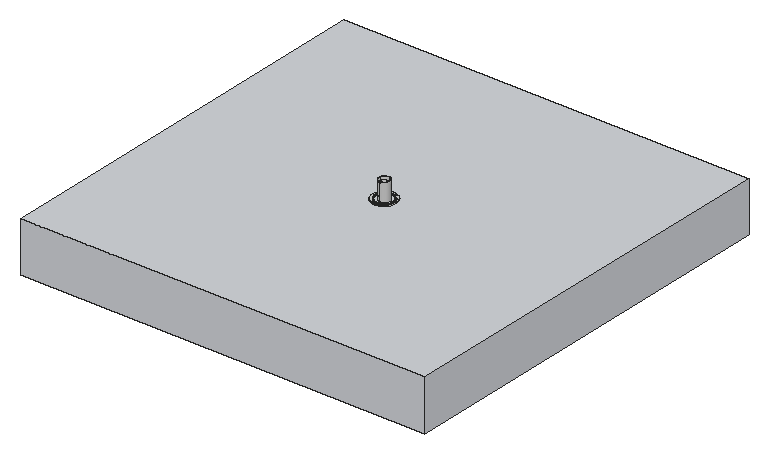
Revit family "LAMP_HANCE DOWNLIGHT SEMIRECESSED FLOOD 1000_2000 (DALI)", category Modelos genéricos, Revit 2015
Parameters (values of type "675LM 4000K 1000 BLACK")
  Weight = 0.79 kg
  Type = "COB PHILIPS"
  Tilting [instance] = if(Tilt < 0.00°, 180.00°, if(Tilt > 85.00°, 265.00°, Tilt + 180.00°))  # 180.00°
  Tilt [instance] = 0.00°
  Recessed diameter = 132 mm
  Protection rating = "IP20"
  Product datasheet = "http://www.lamp.es/product-files/TECH/HD1SR10FL840DBB-EN.pdf"
  Product code = "HD1SR10FL840DBB"
  Product URL = "https://www.lamp.es/en/family/hance-downlight_196363"
  Power Supply = "220-240V 50/60Hz"
  Power = 7 W
  Plum = 7.6 W
  Photometric web file = Cuerpo Hance BASE (tilting)_FL : 675LM 4000K 1000 BLACK
  Modelo = Product code  # "HD1SR10FL840DBB"
  Model explanation = "Availability of tilting between 0º and 85º when placed in a project."
  Material interior aro = LAMP_Aluminio Hance Negro
  Material aro = LAMP_Aluminio Hance Negro
  Manufacturer name = "LAMP"
  Manufacturer country = "Spain"
  Manufacturer URL = "http://www.lamp.es/en"
  MacAdam = "3"
  Luminaire type = "Indoor - Recessed downlight"
  Last update = "22/11/2019"
  Lamp = "COB LED"
  LED Lifetime = "50.000 L80 B10"
  Insulation class = "II"
  Installation instructions = "https://www.lamp.es/product-files/INS/1004410-B-INSTR.%20DE%20MONTAJE%20HANCE%20DOWNLIGHT.pdf"
  Initial intensity = 675 lm
  Initial color = 4000 K
  IEE = "A+"
  Gear = "Adjustable DALI"
  Finish = "Texturised white RAL 9010"
  Fabricante = Manufacturer name  # "LAMP"
  Default Elevation = 1219.2 mm
  Efficacy = 88.82 lm/W
  Diameter = 143 mm
  Descripción = "HANCE DOWN SEMIREC 1000 NW FL DALI BK."
  Decorative ring [instance] = Aro decorativo (tilting) : Black
  Comentarios de tipo = Model explanation  # "Availability of tilting between 0º and 85º when placed in a project."
  CRI = "80"
Types (8, lengths in mm): name | Product datasheet | Product code | Power | Plum | Photometric web file | Modelo | Material aro | Initial intensity | Initial color | IEE | Finish | Efficacy | Descripción
  675LM 4000K 1000 BLACK | "http://www.lamp.es/product-files/TECH/HD1SR10FL840DBB-EN.pdf" | "HD1SR10FL840DBB" | 7 W | 7.6 W | Cuerpo Hance BASE (tilting)_FL : 675LM 4000K 1000 BLACK | "HD1SR10FL840DBB" | LAMP_Aluminio Hance Negro | 675 lm | 4000 K | "A+" | "Texturised white RAL 9010" | 88.82 lm/W | "HANCE DOWN SEMIREC 1000 NW FL DALI BK."
  675LM 4000K 1000 WHITE | "http://www.lamp.es/product-files/TECH/HD1SR10FL840DBW-EN.pdf" | "HD1SR10FL840DBW" | 7 W | 7.6 W | Cuerpo Hance BASE (tilting)_FL : 675LM 4000K 1000 WHITE | "HD1SR10FL840DBW" | LAMP_Aluminio Hance Blanco | 675 lm | 4000 K | "A+" | "Texturised black RAL 9011" | 88.82 lm/W | "HANCE DOWN SEMIREC 1000 NW FL DALI WH."
  697LM 3000K 1000 BLACK | "http://www.lamp.es/product-files/TECH/HD1SR10FL830DBB-EN.pdf" | "HD1SR10FL830DBB" | 7 W | 7.7 W | Cuerpo Hance BASE (tilting)_FL : 697LM 3000K 1000 BLACK | "HD1SR10FL830DBB" | LAMP_Aluminio Hance Negro | 697 lm | 3000 K | "A+" | "Texturised white RAL 9010" | 90.49 lm/W | "HANCE DOWN SEMIREC 1000 WW FL DALI BK."
  697LM 3000K 1000 WHITE | "http://www.lamp.es/product-files/TECH/HD1SR10FL830DBW-EN.pdf" | "HD1SR10FL830DBW" | 7 W | 7.7 W | Cuerpo Hance BASE (tilting)_FL : 697LM 3000K 1000 WHITE | "HD1SR10FL830DBW" | LAMP_Aluminio Hance Blanco | 697 lm | 3000 K | "A+" | "Texturised black RAL 9011" | 90.49 lm/W | "HANCE DOWN SEMIREC 1000 WW FL DALI WH."
  1445LM 3000K 2000 BLACK | "http://www.lamp.es/product-files/TECH/HD1SR20FL830DBB-EN.pdf" | "HD1SR20FL830DBB" | 18 W | 20.7 W | Cuerpo Hance BASE (tilting)_FL : 1445LM 3000K 2000 BLACK | "HD1SR20FL830DBB" | LAMP_Aluminio Hance Negro | 1445 lm | 3000 K | "A" | "Texturised black RAL 9011" | 69.83 lm/W | "HANCE DOWN SEMIREC 2000 WW FL DALI BK."
  1445LM 3000K 2000 WHITE | "http://www.lamp.es/product-files/TECH/HD1SR20FL830DBW-EN.pdf" | "HD1SR20FL830DBW" | 18 W | 20.7 W | Cuerpo Hance BASE (tilting)_FL : 1445LM 3000K 2000 WHITE | "HD1SR20FL830DBW" | LAMP_Aluminio Hance Blanco | 1445 lm | 3000 K | "A" | "Texturised white RAL 9010" | 69.83 lm/W | "HANCE DOWN SEMIREC 2000 WW FL DALI WH."
  1466LM 4000K 2000 BLACK | "http://www.lamp.es/product-files/TECH/HD1SR20FL840DBB-EN.pdf" | "HD1SR20FL840DBB" | 18 W | 20.6 W | Cuerpo Hance BASE (tilting)_FL : 1466LM 4000K 2000 BLACK | "HD1SR20FL840DBB" | LAMP_Aluminio Hance Negro | 1466 lm | 4000 K | "A" | "Texturised black RAL 9011" | 71.17 lm/W | "HANCE DOWN SEMIREC 2000 NW FL DALI BK."
  1466LM 4000K 2000 WHITE | "http://www.lamp.es/product-files/TECH/HD1SR20FL840DBW-EN.pdf" | "HD1SR20FL840DBW" | 18 W | 20.6 W | Cuerpo Hance BASE (tilting)_FL : 1466LM 4000K 2000 WHITE | "HD1SR20FL840DBW" | LAMP_Aluminio Hance Blanco | 1466 lm | 4000 K | "A" | "Texturised white RAL 9010" | 71.17 lm/W | "HANCE DOWN SEMIREC 2000 NW FL DALI WH."
Reference planes
  plane 1 "Centro (Frontal/Posterior)": y = 0
  plane 2: z = 0
  plane 3 "Centro (Izquierda/Derecha)": x = 0
Forms (mm)
  Extrusion 1, solid
    sketch origin (0, 0, 0) x (1, 0, 0) y (0, 1, 0)
      loop
        line (-1219.2, 1219.2) -> (-1219.2, -1219.2) -> (1219.2, -1219.2) -> (1219.2, 1219.2) -> (-1219.2, 1219.2)
    from 0 to -304.8
  Revolve 2, solid, material "LAMP_Aluminio Hance Negro" <- "Material aro"
    sketch origin (0, 0, 0) x (1, 0, 0) y (0, 0, 1)
      loop
        line (71.4, 0) -> (71.4, 1) -> (56.5, 1) -> (56.5, -70) -> (64.5, -70) -> (64.5, -69) -> (59, -69) -> (59, 0) -> (71.4, 0)
      axis (0, 1) -> (0, -70)
    angle from 0 to 360
  Revolve 3, solid, material "LAMP_Aluminio Hance Negro" <- "Material interior aro"
    sketch origin (0, 0, 0) x (1, 0, 0) y (0, 0, 1)
      loop
        arc (51.874, -0.646) -> (51.598, -1.016) -> (51.498, -1.466) r 1.1
        arc (51.498, -1.466) -> (49.354, -17.889) -> (43.277, -33.297) r 67.535
        arc (43.277, -33.297) -> (42.922, -33.665) -> (42.43, -33.8) r 0.965
        line (42.43, -33.8) -> (0, -33.8) -> (0, -34.8) -> (42.43, -34.8)
        arc (42.43, -34.8) -> (42.922, -34.665) -> (43.277, -34.297) r 0.965
        arc (43.277, -34.297) -> (49.354, -18.889) -> (51.498, -2.466) r 67.535
        arc (51.498, -2.466) -> (51.598, -2.016) -> (51.874, -1.646) r 1.1
        arc (51.874, -1.646) -> (53.912, -0.425) -> (56.25, 0) r 6.641
        line (56.25, 0) -> (56.25, 1)
        arc (56.25, 1) -> (53.912, 0.575) -> (51.874, -0.646) r 6.641
      axis (0, 1) -> (0, -34.8)
    angle from 0 to 360
  Extrusion 4, void
    sketch origin (0, 0, 0) x (1, 0, 0) y (0, 1, 0)
      loop
        line (7.1, 33.5) -> (-7.105, 33.5)
        arc (-7.105, 33.5) -> (-40.605, 0) -> (-7.105, -33.5) r 33.5
        line (-7.105, -33.5) -> (7.1, -33.5)
        arc (7.1, -33.5) -> (40.6, 0) -> (7.1, 33.5) r 33.5
    from -41.216 to -28.478
Cuts and joins
  Extrusion 4 cuts Revolve 3
Text (mm)
  text "Any modification of the parameters and properties of the LAMP BIM models must be executed and validated by the LAMP technical department.\n\nPhone: +34 93 736 68 00\n\nE-mail: lamp@lamp.es\n\n\n\nLAMP reserves the right to modify the technical specifications of its products." at (39771.841, -40794.867, 40621.237), in view "Preview"
Dimensions and locks
  aligned and locked: plane 2 to Extrusion 1
  aligned and locked: level to Extrusion 1
Nested families
  nested 1: "Cuerpo Hance BASE (tilting)_FL" at (0, 1.967, 38.338), type <- "Photometric web file", type "675LM 4000K 1000 BLACK"
    with Tilting 180.00°
  nested 2: "Aro decorativo (tilting)" at (-27.9, 0, 12.518), type <- "Decorative ring", type "Black"
    with Tilting 0.00°
Connectors
  electrical at (-16.363, 0, -30.5)
    settings: on nested 1, index 1, voltage 230 V, apparent load 0 VA, apparent load phase1 0 VA, apparent load phase2 0 VA, apparent load phase3 0 VA, power factor 1, load classification "Otro", number of poles 1, system type 31, power factor state 1, is connector primary yes, connector utility no, sub classification motor no, connector description ""
Definition of nested family "Cuerpo Hance BASE (tilting)_FL"
  Parameters (values of type "675LM 4000K 1000 BLACK")
    Tilting = 90.00°
    Photometric web file = Cuerpo Hance BASE_FL : 675LM 4000K 1000 BLACK
    Longitud cuerpo = 135 mm
    Default Elevation = 1219.2 mm
  Types (17, lengths in mm): name | Photometric web file
    (no name) | Cuerpo Hance BASE_FL : 675LM 4000K 1000 BLACK
    675LM 4000K 1000 BLACK | Cuerpo Hance BASE_FL : 675LM 4000K 1000 BLACK
    675LM 4000K 1000 WHITE | Cuerpo Hance BASE_FL : 675LM 4000K 1000 WHITE
    697LM 3000K 1000 BLACK | Cuerpo Hance BASE_FL : 697LM 3000K 1000 BLACK
    697LM 3000K 1000 WHITE | Cuerpo Hance BASE_FL : 697LM 3000K 1000 WHITE
    1445LM 3000K 2000 BLACK | Cuerpo Hance BASE_FL : 1445LM 3000K 2000 BLACK
    1445LM 3000K 2000 WHITE | Cuerpo Hance BASE_FL : 1445LM 3000K 2000 WHITE
    1466LM 4000K 2000 BLACK | Cuerpo Hance BASE_FL : 1466LM 4000K 2000 BLACK
    1466LM 4000K 2000 WHITE | Cuerpo Hance BASE_FL : 1466LM 4000K 2000 WHITE
    2686LM 4000K 3000 BLACK | Cuerpo Hance BASE_FL : 2686LM 4000K 3000 BLACK
    2686LM 4000K 3000 WHITE | Cuerpo Hance BASE_FL : 2686LM 4000K 3000 WHITE
    2740LM 3000K 3000 BLACK | Cuerpo Hance BASE_FL : 2740LM 3000K 3000 BLACK
    2740LM 3000K 3000 WHITE | Cuerpo Hance BASE_FL : 2740LM 3000K 3000 WHITE
    3695LM 3000K 4000 BLACK | Cuerpo Hance BASE_FL : 3695LM 3000K 4000 BLACK
    3695LM 3000K 4000 WHITE | Cuerpo Hance BASE_FL : 3695LM 3000K 4000 WHITE
    3845LM 4000K 4000 BLACK | Cuerpo Hance BASE_FL : 3845LM 4000K 4000 BLACK
    3845LM 4000K 4000 WHITE | Cuerpo Hance BASE_FL : 3845LM 4000K 4000 WHITE
  Reference planes
    plane 1 "Centro (Frontal/Posterior)": y = 0
    plane 2: z = 0
    plane 3 "Centro (Izquierda/Derecha)": x = 0
  Lines and regions (mm)
    reference lines
      curve 1: line (0, 0, 0) -> (200, 0, 0)
  Dimensions and locks
    "Tilting": angle plane 3 "Centro (Izquierda/Derecha)" to curve 1
    aligned and locked: level to plane 2
    aligned and locked: plane 3 "Centro (Izquierda/Derecha)" to curve 1
    aligned and locked: plane 2 to curve 1
  Nested families
    nested 1: "Cuerpo Hance BASE_FL" at (-27.838, -1.967, 27.875), type <- "Photometric web file", type "675LM 4000K 1000 BLACK"
  Definition of nested family "Cuerpo Hance BASE_FL"
    Parameters (values of type "675LM 4000K 1000 BLACK")
      Tilt Angle = 90.00° + Tilting  # 180.00°
      Wattage = 7.6 W
      Tilting = 90.00°
      built-in parameter 1150107 = 4000 (stored number, unit not read)
      Radio vacio posterior = Radio cuerpo - 2.2 mm  # 30.3 mm
      Radio vaciado = Radio cuerpo - 1.5 mm  # 31 mm
      Radio cuerpo = if(Longitud cuerpo = 100 mm, 45 mm, 32.5 mm)  # 32.5 mm
      built-in parameter 1150110 = 1 (stored number, unit not read)
      built-in parameter 1150109 = 1 (stored number, unit not read)
      built-in parameter 1150112 = 1 (stored number, unit not read)
      built-in parameter 1150113 = 1 (stored number, unit not read)
      built-in parameter 1114218 = 1 (stored number, unit not read)
      built-in parameter 1150137 = (empty or 0)
      built-in parameter 1150132 = 2
      Material reflector = none
      Material cuerpo = none
      Material COB = none
      Longitud cuerpo = 135 mm
      Long. origen luz = if(Longitud cuerpo = 100 mm, 20 mm, if(Longitud cuerpo = 170 mm, 55 mm, 90 mm))  # 90 mm
      L_3 = if(Ancho disipador posterior = 80.4 mm, 39.6 mm, 12 mm)  # 12 mm
      L_2 = if(Ancho disipador posterior = 80.4 mm, 36.3 mm, 22.6 mm)  # 22.6 mm
      L_1 = if(Ancho disipador posterior = 80.4 mm, 36.8 mm, 25.4 mm)  # 25.4 mm
      built-in parameter 1150105 = 2229.4 (stored number, unit not read)
      built-in parameter 1150102 = (empty or 0)
      built-in parameter 1150106 = 22.294 (stored number, unit not read)
      Lumens = 675.032 lm
      Color Filter = 16777215
      built-in parameter 1114217 = 1 (stored number, unit not read)
      built-in parameter 1150139 = (empty or 0)
      Default Elevation = 1219.2 mm
      built-in parameter 1150104 = 8.2516 (stored number, unit not read)
      Diametro aro = if(Radio cuerpo = 45 mm, 42.9 mm, 30.4 mm)  # 30.4 mm
      built-in parameter 1150115 = 1 (stored number, unit not read)
      built-in parameter 1150114 = 1 (stored number, unit not read)
      built-in parameter 1150138 = (empty or 0)
      built-in parameter 1150134 = 12
      Dimming Lamp Color Temperature Shift = (empty or 0)
      Photometric Web File = "HD1RE10FL840NBB.IES"
      Ancho vaciado reflector = if(Radio cuerpo = 45 mm, 34.4 mm, 21.9 mm)  # 21.9 mm
      Ancho reflector = if(Radio cuerpo = 45 mm, 35.4 mm, 22.9 mm)  # 22.9 mm
      Ancho disipador posterior = if(Radio cuerpo = 32.5 mm, 53 mm, 80.4 mm)  # 53 mm
      built-in parameter 1150133 = 10 (stored number, unit not read)
      Altura disipador superior = if(Radio cuerpo = 45 mm, 23.9 mm, 36.9 mm)  # 36.9 mm
      Ancho disipador superior = if(Radio cuerpo = 45 mm, 28 mm, 22.6 mm)  # 22.6 mm
    Types (16, lengths in mm): name | Wattage | built-in parameter 1150107 | Radio vacio posterior | Radio vaciado | Radio cuerpo | Longitud cuerpo | Long. origen luz | L_3 | L_2 | L_1 | built-in parameter 1150105 | built-in parameter 1150106 | Lumens | built-in parameter 1150104 | Diametro aro | built-in parameter 1150134 | Photometric Web File | Ancho vaciado reflector | Ancho reflector | Ancho disipador posterior | Altura disipador superior | Ancho disipador superior
      675LM 4000K 1000 BLACK | 7.6 W | 4000 (stored number, unit not read) | 30.3 | 31 | 32.5 | 135 | 90 | 12 | 22.6 | 25.4 | 2229.4 (stored number, unit not read) | 22.294 (stored number, unit not read) | 675.032 lm | 8.2516 (stored number, unit not read) | 30.4 | 12 | "HD1RE10FL840NBB.IES" | 21.9 | 22.9 | 53 | 36.9 | 22.6
      675LM 4000K 1000 WHITE | 7.6 W | 4000 (stored number, unit not read) | 30.3 | 31 | 32.5 | 135 | 90 | 12 | 22.6 | 25.4 | 2229.4 (stored number, unit not read) | 22.294 (stored number, unit not read) | 675.032 lm | 8.2516 (stored number, unit not read) | 30.4 | 12 | "HD1RE10FL840NBW.IES" | 21.9 | 22.9 | 53 | 36.9 | 22.6
      697LM 3000K 1000 BLACK | 7.7 W | 3000 (stored number, unit not read) | 30.3 | 31 | 32.5 | 135 | 90 | 12 | 22.6 | 25.4 | 1447 (stored number, unit not read) | 14.47 (stored number, unit not read) | 696.773 lm | 8.4068 (stored number, unit not read) | 30.4 | (empty or 0) | "HD1RE10FL830NBB.IES" | 21.9 | 22.9 | 53 | 36.9 | 22.6
      697LM 3000K 1000 WHITE | 7.7 W | 3000 (stored number, unit not read) | 30.3 | 31 | 32.5 | 135 | 90 | 12 | 22.6 | 25.4 | 1447 (stored number, unit not read) | 14.47 (stored number, unit not read) | 696.773 lm | 8.4068 (stored number, unit not read) | 30.4 | (empty or 0) | "HD1RE10FL830NBW.IES" | 21.9 | 22.9 | 53 | 36.9 | 22.6
      1445LM 3000K 2000 BLACK | 20.7 W | 3000 (stored number, unit not read) | 30.3 | 31 | 32.5 | 135 | 90 | 12 | 22.6 | 25.4 | 3001.7 (stored number, unit not read) | 30.017 (stored number, unit not read) | 1445.48 lm | 6.4874 (stored number, unit not read) | 30.4 | (empty or 0) | "HD1RE20FL830NBB.IES" | 21.9 | 22.9 | 53 | 36.9 | 22.6
      1445LM 3000K 2000 WHITE | 20.7 W | 3000 (stored number, unit not read) | 30.3 | 31 | 32.5 | 135 | 90 | 12 | 22.6 | 25.4 | 3001.7 (stored number, unit not read) | 30.017 (stored number, unit not read) | 1445.48 lm | 6.4874 (stored number, unit not read) | 30.4 | (empty or 0) | "HD1RE20FL830NBW.IES" | 21.9 | 22.9 | 53 | 36.9 | 22.6
      1466LM 4000K 2000 BLACK | 20.6 W | 4000 (stored number, unit not read) | 30.3 | 31 | 32.5 | 135 | 90 | 12 | 22.6 | 25.4 | 2960 (stored number, unit not read) | 29.6 (stored number, unit not read) | 1466.1 lm | 6.6119 (stored number, unit not read) | 30.4 | 12 | "HD1RE20FL840NBB.IES" | 21.9 | 22.9 | 53 | 36.9 | 22.6
      1466LM 4000K 2000 WHITE | 20.6 W | 4000 (stored number, unit not read) | 30.3 | 31 | 32.5 | 135 | 90 | 12 | 22.6 | 25.4 | 2960 (stored number, unit not read) | 29.6 (stored number, unit not read) | 1466.1 lm | 6.6119 (stored number, unit not read) | 30.4 | 12 | "HD1RE20FL840NBB.IES" | 21.9 | 22.9 | 53 | 36.9 | 22.6
      2686LM 4000K 3000 BLACK | 27.8 W | 4000 (stored number, unit not read) | 42.8 | 43.5 | 45 | 100 | 20 | 39.6 | 36.3 | 36.8 | 5423.1 (stored number, unit not read) | 54.231 (stored number, unit not read) | 2686.04 lm | 8.9763 (stored number, unit not read) | 42.9 | 12 | "HD1RE30FL840NBB.IES" | 34.4 | 35.4 | 80.4 | 23.9 | 28
      2686LM 4000K 3000 WHITE | 27.8 W | 4000 (stored number, unit not read) | 42.8 | 43.5 | 45 | 100 | 20 | 39.6 | 36.3 | 36.8 | 5423.1 (stored number, unit not read) | 54.231 (stored number, unit not read) | 2686.04 lm | 8.9763 (stored number, unit not read) | 42.9 | 12 | "HD1RE30FL840NBW.IES" | 34.4 | 35.4 | 80.4 | 23.9 | 28
      2740LM 3000K 3000 BLACK | 28.2 W | 3000 (stored number, unit not read) | 42.8 | 43.5 | 45 | 100 | 20 | 39.6 | 36.3 | 36.8 | 8235.7 (stored number, unit not read) | 82.357 (stored number, unit not read) | 2739.91 lm | 9.0265 (stored number, unit not read) | 42.9 | (empty or 0) | "HD1RE30FL830NBB.IES" | 34.4 | 35.4 | 80.4 | 23.9 | 28
      2740LM 3000K 3000 WHITE | 28.2 W | 3000 (stored number, unit not read) | 42.8 | 43.5 | 45 | 100 | 20 | 39.6 | 36.3 | 36.8 | 8235.7 (stored number, unit not read) | 82.357 (stored number, unit not read) | 2739.91 lm | 9.0265 (stored number, unit not read) | 42.9 | (empty or 0) | "HD1RE30FL830NBW.IES" | 34.4 | 35.4 | 80.4 | 23.9 | 28
      3695LM 3000K 4000 BLACK | 37.6 W | 3000 (stored number, unit not read) | 42.8 | 43.5 | 45 | 100 | 20 | 39.6 | 36.3 | 36.8 | 294.06 (stored number, unit not read) | 2.9406 (stored number, unit not read) | 3695.33 lm | 9.1305 (stored number, unit not read) | 42.9 | (empty or 0) | "HD1RE40FL830NBB.IES" | 34.4 | 35.4 | 80.4 | 23.9 | 28
      3695LM 3000K 4000 WHITE | 37.6 W | 3000 (stored number, unit not read) | 42.8 | 43.5 | 45 | 100 | 20 | 39.6 | 36.3 | 36.8 | 294.06 (stored number, unit not read) | 2.9406 (stored number, unit not read) | 3695.33 lm | 9.1305 (stored number, unit not read) | 42.9 | (empty or 0) | "HD1RE40FL830NBB.IES" | 34.4 | 35.4 | 80.4 | 23.9 | 28
      3845LM 4000K 4000 BLACK | 37.6 W | 4000 (stored number, unit not read) | 42.8 | 43.5 | 45 | 100 | 20 | 39.6 | 36.3 | 36.8 | 11268 (stored number, unit not read) | 112.68 (stored number, unit not read) | 3844.98 lm | 9.5003 (stored number, unit not read) | 42.9 | 12 | "HD1RE40FL840NBB.IES" | 34.4 | 35.4 | 80.4 | 23.9 | 28
      3845LM 4000K 4000 WHITE | 37.6 W | 4000 (stored number, unit not read) | 42.8 | 43.5 | 45 | 100 | 20 | 39.6 | 36.3 | 36.8 | 11268 (stored number, unit not read) | 112.68 (stored number, unit not read) | 3844.98 lm | 9.5003 (stored number, unit not read) | 42.9 | 12 | "HD1RE40FL840NBW.IES" | 34.4 | 35.4 | 80.4 | 23.9 | 28
    Reference planes
      plane 1 "Centro (Frontal/Posterior)": y = 0
      plane 2: z = 0
      plane 3 "Centro (Izquierda/Derecha)": x = 0
    Forms (mm)
      Extrusion 1, solid, material <- "Material cuerpo"
        sketch origin (0, 0, 0) x (0, -1, 0) y (0, 0, 1)
          loop
            circle (0, -27.875) r 32.5
        from -93 to 42
      Extrusion 2, void
        sketch origin (0, 0, 0) x (0, 1, 0) y (0, 0, 1)
          loop
            line (11.3, 30) -> (-11.3, 30) -> (-11.3, -6.9)
            arc (-11.3, -6.9) -> (0, -7.855) -> (11.3, -6.9) r 67.349
            line (11.3, -6.9) -> (11.3, 30)
        from -42 to 9.4
      Extrusion 3, void
        sketch origin (0, 0, 0) x (0, 1, 0) y (0, 0, 1)
          loop
            circle (0, -27.875) r 30.3
        from -42 to -41
      Extrusion 4, void
        sketch origin (0, 0, 0) x (0, 1, 0) y (0, 0, 1)
          loop
            line (26.5, -26.291) -> (-26.5, -26.291)
            arc (-26.5, -26.291) -> (-27.7, -27.491) -> (-26.5, -28.691) r 1.2
            line (-26.5, -28.691) -> (26.5, -28.691)
            arc (26.5, -28.691) -> (27.7, -27.491) -> (26.5, -26.291) r 1.2
          loop
            line (26.115, -30.891) -> (-26.115, -30.891)
            arc (-26.115, -30.891) -> (-27.315, -32.091) -> (-26.115, -33.291) r 1.2
            line (-26.115, -33.291) -> (26.115, -33.291)
            arc (26.115, -33.291) -> (27.315, -32.091) -> (26.115, -30.891) r 1.2
          loop
            line (25.4, -35.55) -> (-24.915, -35.55)
            arc (-24.915, -35.55) -> (-26.115, -36.75) -> (-24.915, -37.95) r 1.2
            line (-24.915, -37.95) -> (25.4, -37.95)
            arc (25.4, -37.95) -> (26.6, -36.75) -> (25.4, -35.55) r 1.2
          loop
            line (22.6, -40.091) -> (-22.64, -40.091)
            arc (-22.64, -40.091) -> (-23.84, -41.291) -> (-22.64, -42.491) r 1.2
            line (-22.64, -42.491) -> (22.6, -42.491)
            arc (22.6, -42.491) -> (23.8, -41.291) -> (22.6, -40.091) r 1.2
          loop
            line (19.043, -44.691) -> (-19.086, -44.691)
            arc (-19.086, -44.691) -> (-20.286, -45.891) -> (-19.086, -47.091) r 1.2
            line (-19.086, -47.091) -> (19.043, -47.091)
            arc (19.043, -47.091) -> (20.243, -45.891) -> (19.043, -44.691) r 1.2
          loop
            line (15.357, -49.291) -> (-15.5, -49.291)
            arc (-15.5, -49.291) -> (-16.6, -50.391) -> (-15.5, -51.491) r 1.1
            line (-15.5, -51.491) -> (15.357, -51.491)
            arc (15.357, -51.491) -> (16.457, -50.391) -> (15.357, -49.291) r 1.1
          loop
            line (6, -53.691) -> (-6, -53.691)
            arc (-6, -53.691) -> (-7.1, -54.791) -> (-6, -55.891) r 1.1
            line (-6, -55.891) -> (6, -55.891)
            arc (6, -55.891) -> (7.1, -54.791) -> (6, -53.691) r 1.1
        from -42 to -38.7
      Extrusion 5, void
        sketch origin (0, 0, 0) x (-1, 0, 0) y (0, -1, 0)
          loop
            line (37.7, -9.12) -> (37.7, 9.12)
            arc (37.7, 9.12) -> (36.6, 10.22) -> (35.5, 9.12) r 1.1
            line (35.5, 9.12) -> (35.5, -9.12)
            arc (35.5, -9.12) -> (36.6, -10.22) -> (37.7, -9.12) r 1.1
          loop
            line (28.9, -9.12) -> (28.9, 9.12)
            arc (28.9, 9.12) -> (27.8, 10.22) -> (26.7, 9.12) r 1.1
            line (26.7, 9.12) -> (26.7, -9.12)
            arc (26.7, -9.12) -> (27.8, -10.22) -> (28.9, -9.12) r 1.1
          loop
            line (20.1, -9.12) -> (20.1, 9.12)
            arc (20.1, 9.12) -> (19, 10.22) -> (17.9, 9.12) r 1.1
            line (17.9, 9.12) -> (17.9, -9.12)
            arc (17.9, -9.12) -> (19, -10.22) -> (20.1, -9.12) r 1.1
        from -51.491 to 30
      Extrusion 6, void
        sketch origin (0, 0, 0) x (-1, 0, 0) y (0, -1, 0)
          loop
            line (33.3, -9.12) -> (33.3, 9.12)
            arc (33.3, 9.12) -> (32.2, 10.22) -> (31.1, 9.12) r 1.1
            line (31.1, 9.12) -> (31.1, -9.12)
            arc (31.1, -9.12) -> (32.2, -10.22) -> (33.3, -9.12) r 1.1
          loop
            line (24.5, -9.12) -> (24.5, 9.12)
            arc (24.5, 9.12) -> (23.4, 10.22) -> (22.3, 9.12) r 1.1
            line (22.3, 9.12) -> (22.3, -9.12)
            arc (22.3, -9.12) -> (23.4, -10.22) -> (24.5, -9.12) r 1.1
        from -8.232 to 30
      Extrusion 7, void
        sketch origin (0, 0, 0) x (0, 1, 0) y (0, 0, 1)
          loop
            circle (0, -27.875) r 31
        from 17.213 to 93
      Revolve 8, solid, material <- "Material reflector"
        sketch origin (0, 0, 0) x (1, 0, 0) y (0, 0, 1)
          loop
            line (60.5, -27.875) -> (80.818, -27.875) -> (80.818, -4.975) -> (60.5, -19.875) -> (60.5, -27.875)
          axis (60.5, -27.875) -> (80.818, -27.875)
        angle from 0 to 360
      Revolve 9, void
        sketch origin (0, 0, 0) x (1, 0, 0) y (0, 0, 1)
          loop
            line (80.818, -5.975) -> (61.5, -20.142) -> (60.5, -20.142) -> (60.5, -27.875) -> (61.5, -27.875) -> (80.818, -27.875) -> (80.818, -5.975)
          axis (80.818, -27.875) -> (60.5, -27.875)
        angle from 0 to 360
      Extrusion 10, solid, material <- "Material COB"
        sketch origin (0, 0, 0) x (0, -1, 0) y (0, 0, 1)
          loop
            circle (0, -27.875) r 7.733
        from -61.5 to -60.5
    Cuts and joins
      Extrusion 2, Extrusion 3, Extrusion 4, Extrusion 5, Extrusion 6, Extrusion 7 cuts Extrusion 1
      Revolve 9 cuts Revolve 8
    Lines and regions (mm)
      reference lines
        curve 1: line (0, 0, 0) -> (178.042, 0, 0)
        curve 2: line (93, 0, -27.875) -> (183, 0, -27.875)
        curve 3: line (0, 0, 0) -> (0, 0, -75)
        curve 4: line (93, 0, -22.875) -> (93, 0, -32.875)
    Text (mm)
      text "Any modification of the parameters and properties of the LAMP BIM models must be executed and validated by the LAMP technical department.\n\nPhone: +34 93 736 68 00\n\nE-mail: lamp@lamp.es\n\n\n\nLAMP reserves the right to modify the technical specifications of its products." at (97482.136, -81600.41, 57308.082), in view "Preview"
    Dimensions and locks
      locked: Revolve 9 sketch curve to cut or joined group of Extrusion 1, Extrusion 2, Extrusion 3, Extrusion 4, Extrusion 5, Extrusion 6, Extrusion 7 at 12.182
      "Longitud cuerpo": cut or joined group of Extrusion 1, Extrusion 2, Extrusion 3, Extrusion 4, Extrusion 5, Extrusion 6, Extrusion 7 to cut or joined group of Extrusion 1, Extrusion 2, Extrusion 3, Extrusion 4, Extrusion 5, Extrusion 6, Extrusion 7
      locked: cut or joined group of Extrusion 1, Extrusion 2, Extrusion 3, Extrusion 4, Extrusion 5, Extrusion 6, Extrusion 7 to curve 3 at 42
      locked: cut or joined group of Revolve 8, Revolve 9 to cut or joined group of Extrusion 1, Extrusion 2, Extrusion 3, Extrusion 4, Extrusion 5, Extrusion 6, Extrusion 7 at 12.182
      locked: cut or joined group of Revolve 8, Revolve 9 to cut or joined group of Revolve 8, Revolve 9 at 20.318
      locked: cut or joined group of Extrusion 1, Extrusion 2, Extrusion 3, Extrusion 4, Extrusion 5, Extrusion 6, Extrusion 7 to Extrusion 10 at 31.5
      locked: Extrusion 10 to Extrusion 10 at 1
      "Long. origen luz": curve 4 to curve 2
      equal spacing: Extrusion 4 sketch curve, plane 1 "Centro (Frontal/Posterior)", Extrusion 4 sketch curve  (x2)
      "Ancho disipador posterior": Extrusion 4 sketch curve to Extrusion 4 sketch curve
      "L_1": Extrusion 4 sketch curve to plane 1 "Centro (Frontal/Posterior)"
      "L_2": Extrusion 4 sketch curve to curve 3
      "L_3": Extrusion 4 sketch curve to Extrusion 4 sketch curve
      equal spacing: Extrusion 2 sketch curve, plane 1 "Centro (Frontal/Posterior)", Extrusion 2 sketch curve
      "Ancho disipador superior": Extrusion 2 sketch curve to Extrusion 2 sketch curve
      "Altura disipador superior": Extrusion 2 sketch curve to Extrusion 2 sketch curve
      locked: plane 2 to Extrusion 2 sketch curve at 30
      "Ancho reflector": Revolve 8 sketch curve to imposter light
      "Ancho vaciado reflector": Revolve 9 sketch curve to imposter light
      "Radio cuerpo": radius of Extrusion 1 sketch curve
      "Radio vaciado": radius of Extrusion 7 sketch curve
      "Radio vacio posterior": radius of Extrusion 3 sketch curve
      "Tilting": angle plane 3 "Centro (Izquierda/Derecha)" to curve 1
      aligned and locked: level to plane 2
      aligned and locked: imposter light to curve 2  (x2)
      aligned and locked: cut or joined group of Extrusion 1, Extrusion 2, Extrusion 3, Extrusion 4, Extrusion 5, Extrusion 6, Extrusion 7 to cut or joined group of Extrusion 1, Extrusion 2, Extrusion 3, Extrusion 4, Extrusion 5, Extrusion 6, Extrusion 7
    Automatic sketch dimensions
      curve 1 to Extrusion 5 sketch curve = 17.9 mm
      Extrusion 5 sketch curve to Extrusion 5 sketch curve = 1.1 mm  (x3)
      Extrusion 5 sketch curve to Extrusion 5 sketch curve = 6.6 mm  (x2)
      Extrusion 5 sketch curve to curve 1 = 9.12 mm  (x2)
      Extrusion 5 sketch curve to Extrusion 5 sketch curve = 0 mm  (x3)
      curve 1 to Extrusion 5 sketch curve = 9.12 mm
      curve 1 to Extrusion 6 sketch curve = 22.3 mm
      Extrusion 6 sketch curve to Extrusion 6 sketch curve = 1.1 mm  (x2)
      Extrusion 6 sketch curve to Extrusion 6 sketch curve = 6.6 mm
      Extrusion 6 sketch curve to curve 1 = 9.12 mm
      Extrusion 6 sketch curve to Extrusion 6 sketch curve = 0 mm  (x2)
      curve 1 to Extrusion 6 sketch curve = 9.12 mm
      Extrusion 10 sketch curve to plane 1 "Centro (Frontal/Posterior)" = 0 mm
      Extrusion 1 sketch curve to plane 1 "Centro (Frontal/Posterior)" = 0 mm
      Extrusion 1 sketch curve to level = 27.875 mm
      Extrusion 2 sketch curve to plane 1 "Centro (Frontal/Posterior)" = 0 mm
      Extrusion 2 sketch curve to Extrusion 2 sketch curve = 29.494 mm
      Extrusion 3 sketch curve to plane 1 "Centro (Frontal/Posterior)" = 0 mm
      Extrusion 3 sketch curve to level = 27.875 mm
      Extrusion 4 sketch curve to Extrusion 4 sketch curve = 0.385 mm  (x2)
      Extrusion 4 sketch curve to Extrusion 4 sketch curve = 1.2 mm  (x6)
      Extrusion 4 sketch curve to Extrusion 4 sketch curve = 2.276 mm
      Extrusion 4 sketch curve to Extrusion 4 sketch curve = 3.554 mm
      Extrusion 4 sketch curve to Extrusion 4 sketch curve = 3.586 mm
      Extrusion 4 sketch curve to Extrusion 4 sketch curve = 9.357 mm
      Extrusion 4 sketch curve to Extrusion 4 sketch curve = 3.557 mm
      Extrusion 4 sketch curve to level = 55.891 mm
      Extrusion 4 sketch curve to Extrusion 4 sketch curve = 1.1 mm  (x2)
      Extrusion 4 sketch curve to Extrusion 4 sketch curve = 2.2 mm  (x4)
      Extrusion 4 sketch curve to Extrusion 4 sketch curve = 2.141 mm
      Extrusion 4 sketch curve to Extrusion 4 sketch curve = 2.259 mm
      Extrusion 7 sketch curve to plane 1 "Centro (Frontal/Posterior)" = 0 mm
      Extrusion 7 sketch curve to level = 27.875 mm
      curve 1 to Revolve 8 sketch curve = 19.875 mm
      curve 1 to Revolve 8 sketch curve = 60.5 mm
      Revolve 8 sketch curve to Revolve 8 sketch curve = 20.318 mm
      Revolve 8 sketch curve to Revolve 8 sketch curve = 8 mm
      Revolve 8 sketch curve to Revolve 8 sketch curve = 0 mm  (x2)
      Revolve 8 sketch curve to Revolve 8 sketch curve = 9.682 mm
      Revolve 9 sketch curve to Revolve 9 sketch curve = 19.318 mm
      Revolve 9 sketch curve to Revolve 9 sketch curve = 0 mm  (x3)
      Revolve 9 sketch curve to Revolve 9 sketch curve = 1 mm
      curve 1 to Revolve 9 sketch curve = 20.142 mm
      Revolve 9 sketch curve to Revolve 9 sketch curve = 7.733 mm
      Revolve 9 sketch curve to Revolve 9 sketch curve = 9.682 mm
      curve 1 to level = 0 mm
      curve 1 to plane 3 "Centro (Izquierda/Derecha)" = 0 mm
      curve 3 to curve 1 = 0 mm  (x2)
      curve 3 to curve 1 = 75 mm
      curve 1 to curve 4 = 32.875 mm
      curve 4 to curve 1 = 85.042 mm
      curve 2 to curve 1 = 27.875 mm
      curve 2 to curve 4 = 5 mm
      radius of Extrusion 10 sketch curve = 7.733 mm
Definition of nested family "Aro decorativo (tilting)"
  Parameters (values of type "Copper")
    Weight (3000/4000) = 0.016 kg
    Weight (1000/2000) = 0.01 kg
    Tilting = 90.00°
    Product datasheet = ""
    Product code (3000/4000) = "HSRI90C"
    Product code (1000/2000) = "HSRI65C"
    Product URL = ""
    Model = ""
    Material aro = none
    Manufacturer name = "LAMP"
    Manufacturer country = "Spain"
    Manufacturer URL = "http://www.lamp.es/en"
    Longitud = 63.6 mm
    Last update = "21/05/2018"
    Installation instructions = ""
    Finish = "Metalized matt copper"
    Manufacturer = Manufacturer name  # "LAMP"
    Default Elevation = 1219.2 mm
    Diameter (3000/4000) = 90 mm
    Diameter (1000/2000) = 65 mm
    Description = ""
    Accessory Type = "Optic"
    3000/4000 Model = "HSRI90C"
    3000/4000 Description = "HANCE 3000/4000 ACC. RING DECO CO."
    1000/2000 Model = "HSRI65C"
    1000/2000 Description = "HANCE 1000/2000 ACC. RING DECO CO."
  Types (5, lengths in mm): name | Product code (3000/4000) | Product code (1000/2000) | Finish | 3000/4000 Model | 3000/4000 Description | 1000/2000 Model | 1000/2000 Description
    (no name) | "HSRI90C" | "HSRI65C" | "Metalized matt copper" | "HSRI90C" | "HANCE 3000/4000 ACC. RING DECO CO." | "HSRI65C" | "HANCE 1000/2000 ACC. RING DECO CO."
    Black | "HSRI90B" | "HSRI65B" | "Matt black" | "HSRI90B" | "HANCE 3000/4000 ACC. RING DECO BK." | "HSRI65B" | "HANCE 1000/2000 ACC. RING DECO BK."
    Copper | "HSRI90C" | "HSRI65C" | "Metalized matt copper" | "HSRI90C" | "HANCE 3000/4000 ACC. RING DECO CO." | "HSRI65C" | "HANCE 1000/2000 ACC. RING DECO CO."
    Grey | "HSRI90M" | "HSRI65M" | "Metalized matt silver" | "HSRI90M" | "HANCE 3000/4000 ACC. RING DECO MET." | "HSRI65M" | "HANCE 1000/2000 ACC. RING DECO MET."
    White | "HSRI90W" | "HSRI65W" | "Matt White" | "HSRI90W" | "HANCE 3000/4000 ACC. RING DECO WH." | "HSRI65W" | "HANCE 1000/2000 ACC. RING DECO WH."
  Reference planes
    plane 1 "Centro (Frontal/Posterior)": y = 0
    plane 2: z = 0
    plane 3 "Centro (Izquierda/Derecha)": x = 0
  Lines and regions (mm)
    reference lines
      curve 1: line (0, 0, 0) -> (0, 0, -27.9)
      curve 2: line (0, 0, -27.9) -> (80.8, 0, -27.9)
  Text (mm)
    text "Any modification of the parameters and properties of the LAMP BIM models must be executed and validated by the LAMP technical department.\n\nPhone: +34 93 736 68 00\n\nE-mail: lamp@lamp.es\n\n\n\nLAMP reserves the right to modify the technical specifications of its products." at (86527.204, -96597.187, 50741.736), in view "Preview"
  Dimensions and locks
    "Tilting": angle curve 1 to plane 2
    aligned and locked: level to plane 2
    aligned and locked: plane 3 "Centro (Izquierda/Derecha)" to curve 1
    aligned and locked: plane 2 to curve 1
  Automatic sketch dimensions
    curve 2 to curve 1 = 0 mm
    curve 1 to curve 2 = 0 mm
    curve 1 to curve 2 = 80.8 mm
  Nested families
    nested 1: "Aro decorativo" at (17.2, 0, 0), type "Copper"
  Definition of nested family "Aro decorativo"
    Parameters (values of type "Copper")
      Weight (3000/4000) = 0.016 kg
      Weight (1000/2000) = 0.01 kg
      Product datasheet = ""
      Product code (3000/4000) = "HSRI90C"
      Product code (1000/2000) = "HSRI65C"
      Product URL = ""
      Model = ""
      Material aro = none
      Manufacturer name = "LAMP"
      Manufacturer country = "Spain"
      Manufacturer URL = "http://www.lamp.es/en"
      Longitud = 63.6 mm
      Last update = "21/05/2018"
      Installation instructions = ""
      Finish = "Metalized matt copper"
      Manufacturer = Manufacturer name  # "LAMP"
      Default Elevation = 1219.2 mm
      Diametro vaciado aro interior = if(Diametro aro interior = 35.4 mm, 34.4 mm, 21.9 mm)  # 21.9 mm
      Diametro vaciado aro exterior = if(Diametro aro exterior = 42.9 mm, 41.9 mm, 29.4 mm)  # 29.4 mm
      Diametro aro interior = if(Diametro aro exterior = 42.9 mm, 35.4 mm, 22.9 mm)  # 22.9 mm
      Diametro aro exterior = if(Longitud = 138.6 mm, 42.9 mm, 30.4 mm)  # 30.4 mm
      Diameter (3000/4000) = 90 mm
      Diameter (1000/2000) = 65 mm
      Description = ""
      Accessory Type = "Optic"
      3000/4000 Model = "HSRI90C"
      3000/4000 Description = "HANCE 3000/4000 ACC. RING DECO CO."
      1000/2000 Description = "HANCE 1000/2000 ACC. RING DECO CO."
      1000/2000 Model = "HSRI65C"
    Types (5, lengths in mm): name | Product code (3000/4000) | Product code (1000/2000) | Finish | 3000/4000 Model | 3000/4000 Description | 1000/2000 Description | 1000/2000 Model
      (no name) | "HSRI90C" | "HSRI65C" | "Metalized matt copper" | "HSRI90C" | "HANCE 3000/4000 ACC. RING DECO CO." | "HANCE 1000/2000 ACC. RING DECO CO." | "HSRI65C"
      Black | "HSRI90B" | "HSRI65B" | "Matt black" | "HSRI90B" | "HANCE 3000/4000 ACC. RING DECO BK." | "HANCE 1000/2000 ACC. RING DECO BK." | "HSRI65B"
      Copper | "HSRI90C" | "HSRI65C" | "Metalized matt copper" | "HSRI90C" | "HANCE 3000/4000 ACC. RING DECO CO." | "HANCE 1000/2000 ACC. RING DECO CO." | "HSRI65C"
      Grey | "HSRI90M" | "HSRI65M" | "Metalized matt silver" | "HSRI90M" | "HANCE 3000/4000 ACC. RING DECO MET." | "HANCE 1000/2000 ACC. RING DECO MET." | "HSRI65M"
      White | "HSRI90W" | "HSRI65W" | "Matt white" | "HSRI90W" | "HANCE 3000/4000 ACC. RING DECO WH." | "HANCE 1000/2000 ACC. RING DECO WH." | "HSRI65W"
    Reference planes
      plane 1 "Centro (Frontal/Posterior)": y = 0
      plane 2: z = 0
      plane 3 "Centro (Izquierda/Derecha)": x = 0
    Forms (mm)
      Revolve 1, solid, material <- "Material aro"
        sketch origin (0, 0, -27.9) x (1, 0, 0) y (0, 0, 1)
          loop
            line (63.6, 0) -> (73.782, 0) -> (73.782, 30.4) -> (63.6, 22.9) -> (63.6, 0)
          axis (73.782, 0) -> (63.6, 0)
        angle from 0 to 360
      Revolve 2, void
        sketch origin (0, 0, -27.9) x (1, 0, 0) y (0, 0, 1)
          loop
            line (73.782, 29.4) -> (63.6, 21.9) -> (63.6, 0) -> (73.782, 0) -> (73.782, 29.4)
          axis (63.6, 0) -> (73.782, 0)
        angle from 0 to 360
    Cuts and joins
      Revolve 2 cuts Revolve 1
    Lines and regions (mm)
      reference lines
        curve 1: line (0, 0, -27.9) -> (63.6, 0, -27.9)
    Text (mm)
      text "Any modification of the parameters and properties of the LAMP BIM models must be executed and validated by the LAMP technical department.\n\nPhone: +34 93 736 68 00\n\nE-mail: lamp@lamp.es\n\n\n\nLAMP reserves the right to modify the technical specifications of its products." at (91886.357, -93022.329, 47898.266), in view "Preview"
    Dimensions and locks
      "Diametro aro exterior": Revolve 1 sketch curve to Revolve 1 sketch curve
      "Diametro vaciado aro exterior": Revolve 2 sketch curve to Revolve 2 sketch curve
      "Longitud": curve 1 to plane 3 "Centro (Izquierda/Derecha)"
      "Diametro aro interior": Revolve 1 sketch curve to Revolve 1 sketch curve
      "Diametro vaciado aro interior": Revolve 2 sketch curve to Revolve 2 sketch curve
      aligned and locked: level to plane 2
    Automatic sketch dimensions
      Revolve 1 sketch curve to curve 1 = 0 mm  (x4)
      curve 1 to Revolve 1 sketch curve = 10.182 mm
      Revolve 1 sketch curve to Revolve 1 sketch curve = 0 mm
      Revolve 2 sketch curve to curve 1 = 0 mm  (x3)
      curve 1 to Revolve 2 sketch curve = 10.182 mm
      Revolve 2 sketch curve to curve 1 = 1261.008 mm
      Revolve 2 sketch curve to Revolve 2 sketch curve = 1898.983 mm
      curve 1 to plane 3 "Centro (Izquierda/Derecha)" = 0 mm
      curve 1 to level = 27.9 mm
